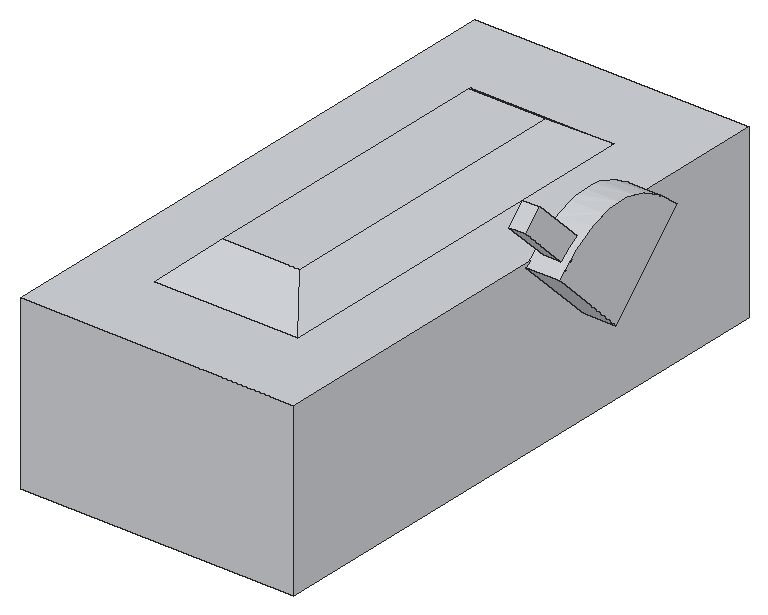
Revit family "Disconnect Switch", category Electrical Fixtures, host Face, Revit 2025
Family settings
  Host = Face
  Round Connector Dimension = Use Diameter
  Part Type = Normal
  Cut with Voids When Loaded = Yes
  Maintain Annotation Orientation = Yes
  Shared = No
  Room Calculation Point = No
Parameters
  Width = 10 1/4"
  Height = 21 1/4"
  Depth = 6.38"
  Default Elevation = 48"
Reference planes (in)
  plane 1 "Center (Front/Back)": y = 0
  plane 2: z = 0
  plane 3 "Center (Left/Right)": x = 0
  plane 4 "face": z = 6.38
  plane 5 "right": x = 5.125
  plane 6: x = 6.375
Forms (in)
  Extrusion 1, solid, detail levels medium+fine
    sketch origin (0, 0, 0) x (1, 0, 0) y (0, 1, 0)
      loop
        line (-5.125, 10.625) -> (-5.125, -10.625) -> (5.125, -10.625) -> (5.125, 10.625) -> (-5.125, 10.625)
    from 0 to 6.38
  Blend 2, solid, detail levels medium+fine
    base sketch origin (0, 0, 6.38) x (-1, 0, 0) y (0, -1, 0)
      loop
        line (2.67434, -7.39522) -> (2.67434, 7.39522) -> (-2.67434, 7.39522) -> (-2.67434, -7.39522) -> (2.67434, -7.39522)
    top sketch origin (0, 0, 6.38) x (-1, 0, 0) y (0, -1, 0)
      loop
        line (1.44746, -5.74104) -> (1.44746, 5.74104) -> (-1.44746, 5.74104) -> (-1.44746, -5.74104) -> (1.44746, -5.74104)
    from 0 to 1.12081
  Extrusion 3, solid, detail levels medium+fine
    sketch origin (5.125, 0, 0) x (0, 1, 0) y (0, 0, 1)
      loop
        line (0.21944, 6.22439) -> (2.87109, 3.57274) -> (5.69952, 6.40116)
        spline (5.69952, 6.40116) -> (5.2591, 6.80229) -> (4.81573, 7.12781) -> (4.3694, 7.37772) -> (3.92012, 7.55202) -> (3.46788, 7.65071) -> (3.01269, 7.67378) -> (2.55454, 7.62124) -> (2.09343, 7.49309) -> (1.62937, 7.28933) -> (1.16235, 7.00996) -> (0.69237, 6.65498) -> (0.21944, 6.22439)
    from 0 to 1.25
  Extrusion 4, solid, detail levels medium+fine
    sketch origin (5.125, 0, 0) x (0, 1, 0) y (0, 0, 1)
      loop
        line (2.35292, 4.89372) -> (2.98122, 5.52202) -> (-0.37753, 8.88078) -> (-1.00583, 8.25248) -> (2.35292, 4.89372)
    from 0.34908 to 0.98798
Cuts and joins
  joined: Extrusion 3, Extrusion 4
Dimensions and locks (in)
  equal spacing: Extrusion 1 sketch curve, plane 3 "Center (Left/Right)", Extrusion 1 sketch curve
  equal spacing: Extrusion 1 sketch curve, plane 1 "Center (Front/Back)", Extrusion 1 sketch curve
  "Height": Extrusion 1 sketch curve to Extrusion 1 sketch curve
  "Width": Extrusion 1 sketch curve to Extrusion 1 sketch curve
  "Depth": plane 4 "face" to plane 2
  equal spacing: Blend 2 sketch curve, plane 3 "Center (Left/Right)", Blend 2 sketch curve  (x2)
  equal spacing: Blend 2 sketch curve, plane 1 "Center (Front/Back)", Blend 2 sketch curve  (x2)
  Blend 2 sketch curve to Blend 2 sketch curve = 14.79043"
  Blend 2 sketch curve to Blend 2 sketch curve = 5.34868"
  aligned and locked: plane 2 to host face
  aligned and locked: level to host face
  aligned and locked: plane 4 "face" to Extrusion 1
  aligned and locked: plane 5 "right" to Extrusion 1
  aligned and locked: plane 6 to Extrusion 3
Automatic sketch dimensions
  host sketch curve to host sketch curve = 96"  (x2)
  plane 3 "Center (Left/Right)" to Blend 2 sketch curve = 1.44746"
  Blend 2 sketch curve to plane 1 "Center (Front/Back)" = 5.74104"
  Extrusion 3 sketch curve to plane 1 "Center (Front/Back)" = 0.21944"
  Extrusion 3 sketch curve to plane 1 "Center (Front/Back)" = 2 223/256"
  plane 4 "face" to Extrusion 3 sketch curve = 0.02116"
  Extrusion 3 sketch curve to Extrusion 3 sketch curve = 2.82843"
  Extrusion 3 sketch curve to plane 4 "face" = 0.15561"
  plane 1 "Center (Front/Back)" to Extrusion 4 sketch curve = 0.37753"
  Extrusion 4 sketch curve to plane 1 "Center (Front/Back)" = 2.35292"
  Extrusion 4 sketch curve to Extrusion 4 sketch curve = 0.6283"  (x2)
  Extrusion 4 sketch curve to plane 4 "face" = 0.85798"
Nested families (in)
  nested 1: "Wall Mounted" at (0, 0, 0), type "Family4", not visible
  nested 2: "Wall Mounted 1" at (0, 0, 0), type "Family4"
Definition of nested family "Wall Mounted"
  Parameters (values of type "Family4")
    Size Half = Size / 2  # 0.08333"
    Size = 0.16667"
  Reference planes (in)
    plane 1: y = 0
    plane 2: x = 0
  Lines and regions (in)
    detail lines
      curve 1: line (-0.08333, 0, 0) -> (-0.08333, 0.16667, 0)
      curve 2: line (-0.08333, 0.16667, 0) -> (0.08333, 0.16667, 0)
      curve 3: line (0.08333, 0.16667, 0) -> (0.08333, 0, 0)
      curve 4: line (-0.08333, 0, 0) -> (0.08333, 0, 0)
      curve 5: line (0, 0.16667, 0) -> (0, 0.25, 0)
      curve 6: line (0, 0.25, 0) -> (0.08333, 0.25, 0)
  Dimensions and locks (in)
    "Size": curve 1 to curve 3
    equal spacing: curve 1, plane 2, curve 3
    "Size": plane 1 to curve 2
    "Size Half": curve 2 to curve 6
    aligned and locked: curve 6 to curve 3
  Automatic sketch dimensions
    curve 5 to plane 2 = 0"
    plane 1 to curve 1 = 0"
Definition of nested family "Wall Mounted 1"
  Parameters (values of type "Family4")
    Size Half = Size / 2  # 0.08333"
    Size = 0.16667"
  Reference planes (in)
    plane 1: y = 0
    plane 2: x = 0
  Lines and regions (in)
    detail lines
      curve 1: line (0.08333, 0, 0) -> (-0.08333, 0, 0)
      curve 2: line (-0.08333, 0, 0) -> (-0.08333, 0.16667, 0)
      curve 3: line (-0.08333, 0.16667, 0) -> (0.08333, 0.16667, 0)
      curve 4: line (0.08333, 0, 0) -> (0.08333, 0.16667, 0)
      curve 5: line (-0.08333, 0.08333, 0) -> (-0.16667, 0.08333, 0)
      curve 6: line (-0.16667, 0.08333, 0) -> (-0.16667, 0.16667, 0)
